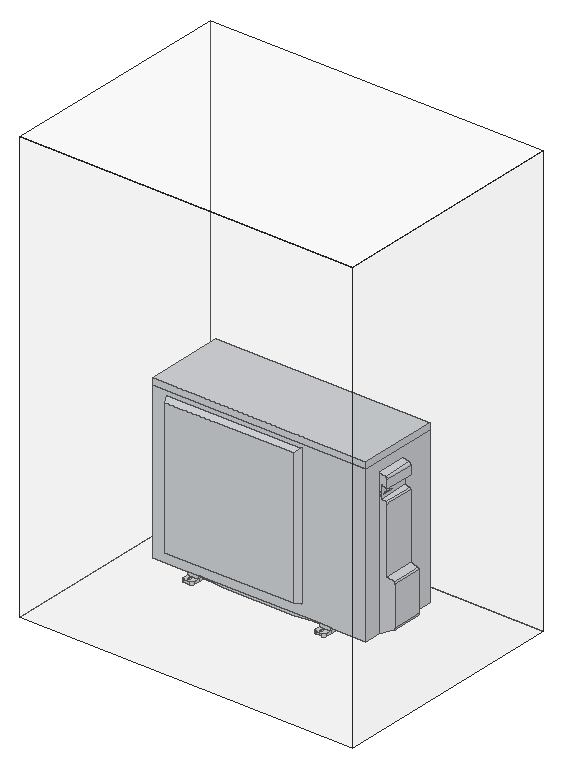
Revit family "puzg-mp2m_2_60hz", category 機械設備, Revit 2019 (continued)
Definition of nested family "PUZ-ZRMP-1"
  Lines and regions (mm)
    model lines, visible <- "タイプ3", not visible
      curve 342: line (-404.5, -100, 907) -> (-404.5, -60, 907)
      curve 343: line (-404.5, -100, 1097) -> (-404.5, -100, 907)
      curve 344: line (-404.5, -60, 1097) -> (-404.5, -100, 1097)
      curve 345: line (-404.5, -60, 907) -> (-404.5, -60, 1097)
      curve 346: line (-404.5, 60, 907) -> (-404.5, 100, 907)
      curve 347: line (-404.5, 60, 1097) -> (-404.5, 60, 907)
      curve 348: line (-404.5, 100, 1097) -> (-404.5, 60, 1097)
      curve 349: line (-404.5, 100, 907) -> (-404.5, 100, 1097)
      curve 350: line (-404.5, -46.667, 907) -> (-404.5, -6.667, 907)
      curve 351: line (-404.5, -46.667, 1097) -> (-404.5, -46.667, 907)
      curve 352: line (-404.5, -6.667, 1097) -> (-404.5, -46.667, 1097)
      curve 353: line (-404.5, -6.667, 907) -> (-404.5, -6.667, 1097)
      curve 354: line (-404.5, 6.667, 907) -> (-404.5, 46.667, 907)
      curve 355: line (-404.5, 6.667, 1097) -> (-404.5, 6.667, 907)
      curve 356: line (-404.5, 46.667, 1097) -> (-404.5, 6.667, 1097)
      curve 357: line (-404.5, 46.667, 907) -> (-404.5, 46.667, 1097)
      curve 358: line (-404.5, -100, 1112) -> (-404.5, -60, 1112)
      curve 359: line (-404.5, -100, 1302) -> (-404.5, -100, 1112)
      curve 360: line (-404.5, -60, 1302) -> (-404.5, -100, 1302)
      curve 361: line (-404.5, -60, 1112) -> (-404.5, -60, 1302)
      curve 362: line (-404.5, 60, 1112) -> (-404.5, 100, 1112)
      curve 363: line (-404.5, 60, 1302) -> (-404.5, 60, 1112)
      curve 364: line (-404.5, 100, 1302) -> (-404.5, 60, 1302)
      curve 365: line (-404.5, 100, 1112) -> (-404.5, 100, 1302)
      curve 366: line (-404.5, -46.667, 1112) -> (-404.5, -6.667, 1112)
      curve 367: line (-404.5, -46.667, 1302) -> (-404.5, -46.667, 1112)
      curve 368: line (-404.5, -6.667, 1302) -> (-404.5, -46.667, 1302)
      curve 369: line (-404.5, -6.667, 1112) -> (-404.5, -6.667, 1302)
      curve 370: line (-404.5, 6.667, 1112) -> (-404.5, 46.667, 1112)
      curve 371: line (-404.5, 6.667, 1302) -> (-404.5, 6.667, 1112)
      curve 372: line (-404.5, 46.667, 1302) -> (-404.5, 6.667, 1302)
      curve 373: line (-404.5, 46.667, 1112) -> (-404.5, 46.667, 1302)
    model lines, visible <- "タイプ2", not visible
      curve 374: line (-600, -100, 33.5) -> (-600, -60, 33.5)
      curve 375: line (-600, -100, 73.5) -> (-600, -100, 33.5)
      curve 376: line (-600, -60, 73.5) -> (-600, -100, 73.5)
      curve 377: line (-600, -60, 33.5) -> (-600, -60, 73.5)
      curve 378: line (-600, 60, 33.5) -> (-600, 100, 33.5)
      curve 379: line (-600, 60, 73.5) -> (-600, 60, 33.5)
      curve 380: line (-600, 100, 73.5) -> (-600, 60, 73.5)
      curve 381: line (-600, 100, 33.5) -> (-600, 100, 73.5)
      curve 382: line (-509, -46.667, 33.5) -> (-509, -6.667, 33.5)
      curve 383: line (-509, -46.667, 73.5) -> (-509, -46.667, 33.5)
      curve 384: line (-509, -6.667, 73.5) -> (-509, -46.667, 73.5)
      curve 385: line (-509, -6.667, 33.5) -> (-509, -6.667, 73.5)
      curve 386: line (-509, 6.667, 33.5) -> (-509, 46.667, 33.5)
      curve 387: line (-509, 6.667, 73.5) -> (-509, 6.667, 33.5)
      curve 388: line (-509, 46.667, 73.5) -> (-509, 6.667, 73.5)
      curve 389: line (-509, 46.667, 33.5) -> (-509, 46.667, 73.5)
      curve 483: line (-404.5, -100, 33.5) -> (-404.5, -60, 33.5)
      curve 484: line (-404.5, -100, 73.5) -> (-404.5, -100, 33.5)
      curve 485: line (-404.5, -60, 73.5) -> (-404.5, -100, 73.5)
      curve 486: line (-404.5, -60, 33.5) -> (-404.5, -60, 73.5)
      curve 487: line (-404.5, 60, 33.5) -> (-404.5, 100, 33.5)
      curve 488: line (-404.5, 60, 73.5) -> (-404.5, 60, 33.5)
      curve 489: line (-404.5, 100, 73.5) -> (-404.5, 60, 73.5)
      curve 490: line (-404.5, 100, 33.5) -> (-404.5, 100, 73.5)
      curve 491: line (-404.5, -46.667, 33.5) -> (-404.5, -6.667, 33.5)
      curve 492: line (-404.5, -46.667, 73.5) -> (-404.5, -46.667, 33.5)
      curve 493: line (-404.5, -6.667, 73.5) -> (-404.5, -46.667, 73.5)
      curve 494: line (-404.5, -6.667, 33.5) -> (-404.5, -6.667, 73.5)
      curve 495: line (-404.5, 6.667, 33.5) -> (-404.5, 46.667, 33.5)
      curve 496: line (-404.5, 6.667, 73.5) -> (-404.5, 6.667, 33.5)
      curve 497: line (-404.5, 46.667, 73.5) -> (-404.5, 6.667, 73.5)
      curve 498: line (-404.5, 46.667, 33.5) -> (-404.5, 46.667, 73.5)
    model lines, not visible
      curve 390: line (-404.5, -100, 87) -> (-404.5, -60, 87)
      curve 391: line (-404.5, -100, 277) -> (-404.5, -100, 87)
      curve 392: line (-404.5, -60, 277) -> (-404.5, -100, 277)
      curve 393: line (-404.5, -60, 87) -> (-404.5, -60, 277)
      curve 394: line (-404.5, -100, 292) -> (-404.5, -60, 292)
      curve 395: line (-404.5, -100, 482) -> (-404.5, -100, 292)
      curve 396: line (-404.5, -60, 482) -> (-404.5, -100, 482)
      curve 397: line (-404.5, -60, 292) -> (-404.5, -60, 482)
      curve 398: line (-404.5, -100, 497) -> (-404.5, -60, 497)
      curve 399: line (-404.5, -100, 687) -> (-404.5, -100, 497)
      curve 400: line (-404.5, -60, 687) -> (-404.5, -100, 687)
      curve 401: line (-404.5, -60, 497) -> (-404.5, -60, 687)
      curve 402: line (-404.5, -100, 702) -> (-404.5, -60, 702)
      curve 403: line (-404.5, -100, 892) -> (-404.5, -100, 702)
      curve 404: line (-404.5, -60, 892) -> (-404.5, -100, 892)
      curve 405: line (-404.5, -60, 702) -> (-404.5, -60, 892)
      curve 406: line (-404.5, 60, 87) -> (-404.5, 100, 87)
      curve 407: line (-404.5, 60, 277) -> (-404.5, 60, 87)
      curve 408: line (-404.5, 100, 277) -> (-404.5, 60, 277)
      curve 409: line (-404.5, 100, 87) -> (-404.5, 100, 277)
      curve 410: line (-404.5, -46.667, 87) -> (-404.5, -6.667, 87)
      curve 411: line (-404.5, -46.667, 277) -> (-404.5, -46.667, 87)
      curve 412: line (-404.5, -6.667, 277) -> (-404.5, -46.667, 277)
      curve 413: line (-404.5, -6.667, 87) -> (-404.5, -6.667, 277)
      curve 414: line (-404.5, 6.667, 87) -> (-404.5, 46.667, 87)
      curve 415: line (-404.5, 6.667, 277) -> (-404.5, 6.667, 87)
      curve 416: line (-404.5, 46.667, 277) -> (-404.5, 6.667, 277)
      curve 417: line (-404.5, 46.667, 87) -> (-404.5, 46.667, 277)
      curve 418: line (-404.5, 60, 292) -> (-404.5, 100, 292)
      curve 419: line (-404.5, 60, 482) -> (-404.5, 60, 292)
      curve 420: line (-404.5, 100, 482) -> (-404.5, 60, 482)
      curve 421: line (-404.5, 100, 292) -> (-404.5, 100, 482)
      curve 422: line (-404.5, 60, 702) -> (-404.5, 100, 702)
      curve 423: line (-404.5, 60, 892) -> (-404.5, 60, 702)
      curve 424: line (-404.5, 100, 892) -> (-404.5, 60, 892)
      curve 425: line (-404.5, 100, 702) -> (-404.5, 100, 892)
      curve 426: line (-404.5, -46.667, 292) -> (-404.5, -6.667, 292)
      curve 427: line (-404.5, -46.667, 482) -> (-404.5, -46.667, 292)
      curve 428: line (-404.5, -6.667, 482) -> (-404.5, -46.667, 482)
      curve 429: line (-404.5, -6.667, 292) -> (-404.5, -6.667, 482)
      curve 430: line (-404.5, -46.667, 497) -> (-404.5, -6.667, 497)
      curve 431: line (-404.5, -46.667, 687) -> (-404.5, -46.667, 497)
      curve 432: line (-404.5, -6.667, 687) -> (-404.5, -46.667, 687)
      curve 433: line (-404.5, -6.667, 497) -> (-404.5, -6.667, 687)
      curve 434: line (-404.5, -46.667, 702) -> (-404.5, -6.667, 702)
      curve 435: line (-404.5, -46.667, 892) -> (-404.5, -46.667, 702)
      curve 436: line (-404.5, -6.667, 892) -> (-404.5, -46.667, 892)
      curve 437: line (-404.5, -6.667, 702) -> (-404.5, -6.667, 892)
      curve 438: line (-404.5, 6.667, 292) -> (-404.5, 46.667, 292)
      curve 439: line (-404.5, 6.667, 482) -> (-404.5, 6.667, 292)
      curve 440: line (-404.5, 46.667, 482) -> (-404.5, 6.667, 482)
      curve 441: line (-404.5, 46.667, 292) -> (-404.5, 46.667, 482)
      curve 442: line (-404.5, 6.667, 497) -> (-404.5, 46.667, 497)
      curve 443: line (-404.5, 6.667, 687) -> (-404.5, 6.667, 497)
      curve 444: line (-404.5, 46.667, 687) -> (-404.5, 6.667, 687)
      curve 445: line (-404.5, 46.667, 497) -> (-404.5, 46.667, 687)
      curve 446: line (-404.5, 6.667, 702) -> (-404.5, 46.667, 702)
      curve 447: line (-404.5, 6.667, 892) -> (-404.5, 6.667, 702)
      curve 448: line (-404.5, 46.667, 892) -> (-404.5, 6.667, 892)
      curve 449: line (-404.5, 46.667, 702) -> (-404.5, 46.667, 892)
      curve 450: line (-338.5, -173.2, 372.5) -> (149.5, -173.2, 372.5)
      curve 451: line (149.5, -173.2, 277.5) -> (-338.5, -173.2, 277.5)
      curve 452: line (-338.5, -173.2, 467.5) -> (149.5, -173.2, 467.5)
      curve 453: line (-338.5, -173.2, 562.5) -> (149.5, -173.2, 562.5)
      curve 454: line (149.5, -173.2, 182.5) -> (-338.5, -173.2, 182.5)
      curve 455: line (149.5, -173.2, 87.5) -> (-338.5, -173.2, 87.5)
      curve 456: line (-321.071, -173.2, 579) -> (-321.071, -173.2, 71)
      curve 457: line (132.071, -173.2, 71) -> (132.071, -173.2, 579)
      curve 458: line (-303.643, -173.2, 579) -> (-303.643, -173.2, 71)
      curve 459: line (-286.214, -173.2, 579) -> (-286.214, -173.2, 71)
      curve 460: line (-268.786, -173.2, 579) -> (-268.786, -173.2, 71)
      curve 461: line (-251.357, -173.2, 579) -> (-251.357, -173.2, 71)
      curve 462: line (-233.929, -173.2, 579) -> (-233.929, -173.2, 71)
      curve 463: line (-216.5, -173.2, 579) -> (-216.5, -173.2, 71)
      curve 464: line (-199.071, -173.2, 579) -> (-199.071, -173.2, 71)
      curve 465: line (-181.643, -173.2, 579) -> (-181.643, -173.2, 71)
      curve 466: line (-164.214, -173.2, 579) -> (-164.214, -173.2, 71)
      curve 467: line (-146.786, -173.2, 579) -> (-146.786, -173.2, 71)
      curve 468: line (-129.357, -173.2, 579) -> (-129.357, -173.2, 71)
      curve 469: line (-111.929, -173.2, 579) -> (-111.929, -173.2, 71)
      curve 470: line (-94.5, -173.2, 579) -> (-94.5, -173.2, 71)
      curve 471: line (-77.071, -173.2, 579) -> (-77.071, -173.2, 71)
      curve 472: line (-59.643, -173.2, 579) -> (-59.643, -173.2, 71)
      curve 473: line (-42.214, -173.2, 579) -> (-42.214, -173.2, 71)
      curve 474: line (-24.786, -173.2, 579) -> (-24.786, -173.2, 71)
      curve 475: line (-7.357, -173.2, 579) -> (-7.357, -173.2, 71)
      curve 476: line (10.071, -173.2, 579) -> (10.071, -173.2, 71)
      curve 477: line (27.5, -173.2, 579) -> (27.5, -173.2, 71)
      curve 478: line (44.929, -173.2, 579) -> (44.929, -173.2, 71)
      curve 479: line (62.357, -173.2, 579) -> (62.357, -173.2, 71)
      curve 480: line (79.786, -173.2, 579) -> (79.786, -173.2, 71)
      curve 481: line (97.214, -173.2, 579) -> (97.214, -173.2, 71)
      curve 482: line (114.643, -173.2, 579) -> (114.643, -173.2, 71)
    symbolic lines, visible <- "タイプ1"
      curve 499: line (-278.151, 150, 630) -> (-404.5, 150, 630)
      curve 500: line (-404.5, 150, 630) -> (-404.5, -5.599, 630)
      curve 501: line (-404.5, 40, 630) -> (-424.5, 30, 630)
      curve 502: line (-424.5, 30, 630) -> (-424.5, -30, 630)
      curve 503: line (-424.5, -30, 630) -> (-404.5, -40, 630)
      curve 504: line (-404.5, -5.599, 630) -> (-404.5, -150, 630)
      curve 505: line (-404.5, -150, 630) -> (-301.612, -150, 630)
      curve 506: arc (-269.474, -173.2, 630) -> (-265.831, -178.124, 630) -> (-260, -180, 630) r 10
      curve 507: line (-260, -180, 630) -> (-240, -180, 630)
      curve 508: arc (-240, -180, 630) -> (-234.169, -178.124, 630) -> (-230.526, -173.2, 630) r 10
      curve 509: line (-301.612, -150, 630) -> (280.999, -150, 630)
      curve 510: line (230, -150, 630) -> (230, -170, 630)
      curve 511: arc (230, -170, 630) -> (232.929, -177.071, 630) -> (240, -180, 630) r 10
      curve 512: line (240, -180, 630) -> (260, -180, 630)
      curve 513: arc (260, -180, 630) -> (267.071, -177.071, 630) -> (270, -170, 630) r 10
      curve 514: line (270, -170, 630) -> (270, -150, 630)
      curve 515: line (280.999, -150, 630) -> (404.5, -150, 630)
      curve 516: line (404.5, -150, 630) -> (404.5, -77.105, 630)
      curve 517: line (404.5, -90, 630) -> (466.5, -90, 630)
      curve 518: line (466.5, -90, 630) -> (466.5, 20, 630)
      curve 519: line (466.5, 20, 630) -> (404.5, 20, 630)
      curve 520: line (404.5, -77.105, 630) -> (404.5, 150, 630)
      curve 521: line (404.5, 150, 630) -> (308.975, 150, 630)
      curve 522: line (270, 150, 630) -> (270, 180, 630)
      curve 523: line (270, 180, 630) -> (230, 180, 630)
      curve 524: line (230, 180, 630) -> (230, 150, 630)
      curve 525: line (308.975, 150, 630) -> (-278.151, 150, 630)
      curve 526: line (-230, 150, 630) -> (-230, 180, 630)
      curve 527: line (-230, 180, 630) -> (-270, 180, 630)
      curve 528: line (-270, 180, 630) -> (-270, 150, 630)
      curve 529: line (-324.5, 100, 630) -> (324.5, 100, 630)
      curve 530: line (-324.5, 40, 630) -> (-324.5, 100, 630)
      curve 531: line (324.5, 40, 630) -> (-324.5, 40, 630)
      curve 532: line (324.5, 100, 630) -> (324.5, 40, 630)
      curve 533: line (324.5, 30, 630) -> (-324.5, 30, 630)
      curve 534: line (324.5, -30, 630) -> (324.5, 30, 630)
      curve 535: line (-324.5, -30, 630) -> (324.5, -30, 630)
      curve 536: line (-324.5, 30, 630) -> (-324.5, -30, 630)
      curve 537: line (-324.5, -40, 630) -> (324.5, -40, 630)
      curve 538: line (-324.5, -100, 630) -> (-324.5, -40, 630)
      curve 539: line (324.5, -100, 630) -> (-324.5, -100, 630)
      curve 540: line (324.5, -40, 630) -> (324.5, -100, 630)
      curve 541: line (339.5, 100, 630) -> (354.5, 100, 630)
      curve 542: line (339.5, -100, 630) -> (339.5, 100, 630)
      curve 543: line (354.5, -100, 630) -> (339.5, -100, 630)
      curve 544: line (354.5, 100, 630) -> (354.5, -100, 630)
      curve 545: line (-354.5, 100, 630) -> (-339.5, 100, 630)
      curve 546: line (-354.5, -100, 630) -> (-354.5, 100, 630)
      curve 547: line (-339.5, -100, 630) -> (-354.5, -100, 630)
      curve 548: line (-339.5, 100, 630) -> (-339.5, -100, 630)
      curve 549: line (-338.5, -173.2, 630) -> (149.5, -173.2, 630)
      curve 550: line (149.5, -173.2, 630) -> (159.5, -150, 630)
      curve 551: line (-348.5, -150, 630) -> (-338.5, -173.2, 630)
  Dimensions and locks
    equal spacing: plane 8, plane 1 "中心(正面/背面)", plane 7
    "奥行き": plane 8 to plane 7
    equal spacing: plane 5, plane 3 "中心(左/右)", plane 6
    "幅さ": plane 5 to plane 6
    "高さ": plane 4 to level
    locked: plane 6 to plane 9 at 62
    locked: plane 8 to plane 10 at 60
    locked: plane 8 to plane 11 at 170
    locked: plane 4 to plane 12 at 25
    locked: plane 13 to plane 5 at 20
    "吊りボルト-D": plane 17 to plane 16
    equal spacing: plane 17, plane 1 "中心(正面/背面)", plane 16
    equal spacing: plane 14, plane 3 "中心(左/右)", plane 15
    "吊りボルト-W": plane 14 to plane 15
    plane 21 to plane 14 to plane 20 = 20 mm locked, 20 mm locked
    plane 19 to plane 15 to plane 18 = 20 mm locked, 20 mm locked
    locked: plane 16 to plane 22 at 15
    locked: plane 23 to plane 17 at 15
    locked: plane 24 to level at 8.5
    locked: plane 25 to level at 20
    locked: plane 26 to plane 24 at 3
    locked: plane 4 to plane 29 at 5
    plane 7 to plane 1 "中心(正面/背面)" to plane 8 = 150 mm, 150 mm
    plane 31 to plane 1 "中心(正面/背面)" to plane 30 = 40 mm locked, 40 mm locked
    plane 33 to plane 1 "中心(正面/背面)" to plane 32 = 30 mm locked, 30 mm locked
    locked: plane 34 to plane 12 at 5
    locked: plane 35 to level at 55
    locked: plane 36 to level at 225
    equal spacing: plane 6, plane 39, plane 9
    locked: plane 6 to plane 38 at 10
    locked: plane 20 to plane 27 at 95
    locked: plane 28 to plane 19 at 95
    "換気-D": plane 40 to plane 8
    "換気-W": plane 41 to plane 5
    "換気-H1": plane 42 to level
    plane 43 to plane 41 to plane 44 = 254 mm locked, 254 mm locked
    plane 45 to plane 42 to plane 46 = 264 mm locked, 264 mm locked
    locked: plane 43 to plane 48 at 10
    locked: plane 47 to plane 44 at 10
    locked: plane 45 to plane 49 at 10
    locked: plane 50 to plane 46 at 10
    locked: curve 26 to plane 50 at 16.5
    locked: plane 49 to curve 24 at 16.5
    equal spacing: curve 24, curve 23, curve 21, curve 22, curve 25, curve 26
    equal spacing: plane 48, curve 28, curve 53, curve 52, curve 51, curve 50, curve 49, curve 48, curve 47, curve 46, curve 45, curve 44, curve 43, curve 42, curve 41, curve 40, curve 39, curve 38, curve 37, curve 36, curve 35, curve 34, curve 33, curve 32, curve 31, curve 30, curve 29, curve 27, plane 47
    locked: curve 4 to curve 6 at 10
    locked: curve 3 to curve 5 at 10
    locked: plane 51 to plane 7 at 50
    locked: plane 8 to plane 52 at 50
    equal spacing: group 1, group 2, group 3, group 4, group 5, group 6, group 7, group 8, group 9, group 10, group 11, group 12, group 13, group 14, group 15, group 16, group 17, group 18  (x2)
    equal spacing: group 18, group 17, group 16, group 15, group 14, group 13, group 12, group 11, group 10, group 9, group 8, group 7, group 6, group 5, group 4, group 3, group 2, group 1
    "ドレン管径-X": plane 5 to plane 53
    "ドレン管径-Y": plane 8 to plane 54
    "配線取出口-Y": plane 57 to plane 7
    "冷媒液管径-Y": plane 58 to plane 7
    "冷媒ガス管径-Y": plane 59 to plane 7
    "配線取出口-X": plane 3 "中心(左/右)" to plane 56
    "冷媒ガス管径-X": plane 3 "中心(左/右)" to plane 55
    "冷媒液管径-X": plane 3 "中心(左/右)" to plane 60
    "冷媒液管径-Z": plane 62 to level
    "冷媒ガス管径-Z": plane 61 to level
    "配線取出口-Z": plane 63 to level
    locked: plane 57 to plane 64 at 50
    locked: plane 65 to plane 61 at 37.8
    locked: plane 66 to plane 62 at 16.1
    equal spacing: plane 55, plane 67, plane 60
    equal spacing: plane 58, plane 68, plane 59
    "a": plane 69 "グループ" to plane 3 "中心(左/右)"
    plane 71 to level = 943 mm
    plane 70 to level = 1338 mm
    locked: plane 37 to level at 570
    curve 21 to plane 42 to curve 22 = 47.5 mm locked, 47.5 mm locked
    "換気-H2": plane 72 to plane 42
    plane 73 to plane 72 to plane 74 = 264 mm locked, 264 mm locked
    locked: plane 76 to plane 74 at 10
    locked: plane 73 to plane 75 at 10
    plane 48 to plane 47 = 488 mm
    plane 68 to plane 7 = 185.5 mm
    plane 61 to level = 99.5 mm
    plane 65 to plane 61 = 37.8 mm
    plane 62 to level = 164.5 mm
    plane 66 to plane 62 = 16.1 mm
    plane 68 to plane 77 to plane 78 = 23 mm locked, 17.5 mm locked
    plane 68 to plane 77 = 23 mm
    plane 77 to plane 78 = 17.5 mm
    equal spacing: plane 77, plane 79, plane 78
    "ドレン配管サイズ": diameter of Extrusion 3 sketch curve
    "配線取出口サイズ": diameter of Extrusion 9 sketch curve
    "吊りボルト-φ": diameter of Extrusion 10 sketch curve  (x4)
    "冷媒配管サイズ": diameter of Sweep 11 sketch curve
    "ガス配管サイズ": diameter of Sweep 12 sketch curve
    aligned and locked: level to plane 2
    aligned and locked: Extrusion 1 to level
    aligned and locked: plane 25 to Extrusion 1
    aligned and locked: Extrusion 2 sketch curve to plane 25
    aligned and locked: Extrusion 2 sketch curve to plane 26
    aligned and locked: Extrusion 2 to plane 7
    aligned and locked: plane 8 to Extrusion 2
    aligned and locked: Extrusion 3 to plane 26
    aligned and locked: Extrusion 3 to plane 24
    aligned and locked: Extrusion 4 sketch curve to plane 7
    aligned and locked: Extrusion 4 sketch curve to plane 8
    aligned and locked: Extrusion 4 sketch curve to plane 5
    aligned and locked: Extrusion 4 sketch curve to plane 6
    aligned and locked: Extrusion 4 to plane 25
    aligned and locked: plane 12 to Extrusion 4
    aligned and locked: Extrusion 5 sketch curve to Extrusion 4  (x4)
    aligned and locked: Extrusion 5 to plane 12
    aligned and locked: plane 4 to Extrusion 5
    aligned and locked: plane 29 to Blend 6 sketch curve
    aligned and locked: Blend 6 sketch curve to plane 31
    aligned and locked: Blend 6 sketch curve to plane 12  (x2)
    aligned and locked: plane 30 to Blend 6 sketch curve
    aligned and locked: plane 34 to Blend 6 sketch curve
    aligned and locked: Blend 6 sketch curve to plane 33
    aligned and locked: plane 32 to Blend 6 sketch curve
    aligned and locked: Blend 6 to plane 13
    aligned and locked: plane 5 to Blend 6
    aligned and locked: Extrusion 7 sketch curve to plane 6
    aligned and locked: Extrusion 7 sketch curve to plane 9
    aligned and locked: Extrusion 7 sketch curve to plane 39
    aligned and locked: Extrusion 7 sketch curve to Extrusion 7 sketch curve
    aligned and locked: Extrusion 7 sketch curve to plane 38
    aligned and locked: Extrusion 7 to plane 11
    aligned and locked: plane 10 to Extrusion 7
    aligned and locked: Blend 8 sketch curve to plane 45
    aligned and locked: Blend 8 sketch curve to plane 46
    aligned and locked: Blend 8 sketch curve to plane 44
    aligned and locked: Blend 8 sketch curve to plane 43
    aligned and locked: Blend 8 sketch curve to plane 49
    aligned and locked: Blend 8 sketch curve to plane 47
    aligned and locked: Blend 8 sketch curve to plane 48
    aligned and locked: Blend 8 sketch curve to plane 50
    aligned and locked: Blend 8 to plane 8
    aligned and locked: plane 40 to Blend 8
    aligned and locked: curve 17 to plane 51
    aligned and locked: curve 1 to plane 51
    aligned and locked: plane 51 to curve 19
    aligned and locked: curve 18 to plane 52
    aligned and locked: plane 52 to curve 2
    aligned and locked: plane 52 to curve 20
    aligned and locked: plane 53 to Extrusion 3 sketch curve
    aligned and locked: plane 54 to Extrusion 3 sketch curve
    aligned and locked: plane 63 to Extrusion 9 sketch curve
    aligned and locked: plane 56 to Extrusion 9 sketch curve
    aligned and locked: plane 57 to Extrusion 9
    aligned and locked: Extrusion 9 to plane 64
    aligned and locked: plane 22 to Extrusion 10 sketch curve  (x4)
    aligned and locked: plane 21 to Extrusion 10 sketch curve
    aligned and locked: Extrusion 2 to Extrusion 10 sketch curve  (x2)
    aligned and locked: Extrusion 10 sketch curve to Extrusion 1  (x6)
    aligned and locked: plane 19 to Extrusion 10 sketch curve
    aligned and locked: Extrusion 10 sketch curve to plane 23  (x2)
    aligned and locked: Extrusion 10 sketch curve to plane 18
    aligned and locked: Extrusion 10 sketch curve to plane 20
    aligned and locked: plane 16 to Extrusion 10 sketch curve  (x2)
    aligned and locked: plane 14 to Extrusion 10 sketch curve  (x2)
    aligned and locked: plane 17 to Extrusion 10 sketch curve  (x2)
    aligned and locked: plane 15 to Extrusion 10 sketch curve  (x2)
    aligned and locked: level to Extrusion 10
    aligned and locked: plane 24 to Extrusion 10
    aligned and locked: Masking region 1 sketch curve to Extrusion 5  (x4)
    aligned and locked: Masking region 1 sketch curve to Blend 6  (x3)
    aligned and locked: Masking region 1 sketch curve to Extrusion 7  (x2)
    aligned and locked: Masking region 1 sketch curve to plane 9
    aligned and locked: Masking region 1 sketch curve to Extrusion 10  (x8)
    aligned and locked: Masking region 1 to curve 499
    aligned and locked: curve 500 to Masking region 1
    aligned and locked: curve 501 to Masking region 1
    aligned and locked: curve 502 to Masking region 1
    aligned and locked: curve 503 to Masking region 1
    aligned and locked: curve 504 to Masking region 1
    aligned and locked: curve 505 to Masking region 1
    aligned and locked: curve 506 to Masking region 1
    aligned and locked: curve 508 to Masking region 1
    aligned and locked: curve 510 to Masking region 1
    aligned and locked: curve 511 to Masking region 1
    aligned and locked: curve 513 to Masking region 1
    aligned and locked: Masking region 1 to curve 515
    aligned and locked: curve 516 to Masking region 1
    aligned and locked: curve 517 to Masking region 1
    aligned and locked: curve 518 to Masking region 1
    aligned and locked: curve 519 to Masking region 1
    aligned and locked: curve 520 to Masking region 1
    aligned and locked: curve 521 to Masking region 1
    aligned and locked: curve 522 to Masking region 1
    aligned and locked: curve 523 to Masking region 1
    aligned and locked: curve 524 to Masking region 1
    aligned and locked: curve 525 to Masking region 1
    aligned and locked: curve 526 to Masking region 1
    aligned and locked: curve 527 to Masking region 1
    aligned and locked: curve 528 to Masking region 1
    aligned and locked: curve 532 to curve 12
    aligned and locked: Masking region 1 sketch curve to curve 21
    aligned and locked: Masking region 1 sketch curve to Blend 8  (x2)
    aligned and locked: curve 549 to Blend 8
    aligned and locked: curve 550 to Blend 8
    aligned and locked: curve 551 to Blend 8
    aligned and locked: plane 78 to Sweep 12 sketch curve
    aligned and locked: plane 58 to Sweep 12 sketch curve
    aligned and locked: plane 77 to Sweep 11 sketch curve
    aligned and locked: plane 58 to Sweep 11 sketch curve
    aligned and locked: plane 61 to Sweep 12 sketch curve
  Automatic sketch dimensions
    Extrusion 2 sketch curve to plane 20 = 0 mm
    Extrusion 2 sketch curve to plane 27 = 0 mm
    Extrusion 2 sketch curve to plane 28 = 0 mm
    Extrusion 2 sketch curve to plane 19 = 0 mm
    Extrusion 7 sketch curve to plane 39 = 0 mm
    Extrusion 7 sketch curve to plane 25 = 0 mm
    Extrusion 7 sketch curve to plane 36 = 0 mm
    Extrusion 7 sketch curve to plane 37 = 0 mm
    Extrusion 7 sketch curve to Extrusion 7 sketch curve = 10 mm
    Extrusion 7 sketch curve to plane 39 = 6.58 mm
    Extrusion 7 sketch curve to Extrusion 7 sketch curve = 5 mm  (x2)
    plane 39 to Extrusion 7 sketch curve = 21 mm
    Extrusion 7 sketch curve to plane 39 = 3.29 mm
    Extrusion 7 sketch curve to plane 9 = 3.29 mm
    Extrusion 7 sketch curve to plane 35 = 2.87 mm
    Extrusion 7 sketch curve to Extrusion 7 sketch curve = 81.633 mm
    Extrusion 7 sketch curve to Extrusion 7 sketch curve = 30.244 mm
    Extrusion 7 sketch curve to Extrusion 7 sketch curve = 7.643 mm
    plane 7 to Extrusion 1 sketch curve = 0 mm  (x2)
    Extrusion 1 sketch curve to plane 18 = 0 mm
    plane 8 to Extrusion 1 sketch curve = 0 mm  (x2)
    Extrusion 1 sketch curve to plane 19 = 0 mm
    Extrusion 1 sketch curve to plane 20 = 0 mm
    Extrusion 1 sketch curve to plane 21 = 0 mm
    curve 383 to curve 384 = 40 mm
    curve 382 to curve 386 = 13.333 mm
    curve 386 to curve 386 = 40 mm
    curve 382 to curve 389 = 0 mm
    curve 382 to curve 384 = 40 mm
    curve 384 to curve 387 = 0 mm
    curve 375 to curve 376 = 40 mm
    curve 374 to curve 378 = 120 mm
    curve 378 to curve 378 = 40 mm
    curve 374 to curve 381 = 0 mm
    curve 374 to curve 376 = 40 mm
    curve 378 to curve 379 = 40 mm
    curve 25 to plane 47 = 0 mm
    curve 24 to plane 47 = 0 mm
    curve 22 to plane 47 = 0 mm
    curve 23 to plane 47 = 0 mm
    curve 26 to plane 47 = 0 mm
    curve 21 to plane 47 = 0 mm
    curve 24 to plane 48 = 0 mm
    curve 25 to plane 48 = 0 mm
    curve 26 to plane 48 = 0 mm
    curve 23 to plane 48 = 0 mm
    curve 22 to plane 48 = 0 mm
    curve 21 to plane 48 = 0 mm
    curve 37 to plane 50 = 0 mm
    curve 52 to plane 50 = 0 mm
    curve 51 to plane 50 = 0 mm
    curve 50 to plane 50 = 0 mm
    curve 49 to plane 50 = 0 mm
    curve 48 to plane 50 = 0 mm
    curve 47 to plane 50 = 0 mm
    curve 46 to plane 50 = 0 mm
    curve 45 to plane 50 = 0 mm
    curve 44 to plane 50 = 0 mm
    curve 43 to plane 50 = 0 mm
    curve 42 to plane 50 = 0 mm
    curve 41 to plane 50 = 0 mm
    curve 27 to plane 50 = 0 mm
    curve 28 to plane 50 = 0 mm
    curve 40 to plane 50 = 0 mm
    curve 39 to plane 50 = 0 mm
    curve 29 to plane 50 = 0 mm
    curve 38 to plane 50 = 0 mm
    curve 30 to plane 50 = 0 mm
    curve 53 to plane 50 = 0 mm
    curve 31 to plane 50 = 0 mm
    curve 36 to plane 50 = 0 mm
    curve 32 to plane 50 = 0 mm
    curve 35 to plane 50 = 0 mm
    curve 33 to plane 50 = 0 mm
    curve 34 to plane 50 = 0 mm
    curve 28 to plane 49 = 0 mm
    curve 41 to plane 49 = 0 mm
    curve 27 to plane 49 = 0 mm
    curve 42 to plane 49 = 0 mm
    curve 31 to plane 49 = 0 mm
    curve 40 to plane 49 = 0 mm
    curve 37 to plane 49 = 0 mm
    curve 39 to plane 49 = 0 mm
    curve 32 to plane 49 = 0 mm
    curve 45 to plane 49 = 0 mm
    curve 36 to plane 49 = 0 mm
    curve 46 to plane 49 = 0 mm
    curve 43 to plane 49 = 0 mm
    curve 47 to plane 49 = 0 mm
    curve 29 to plane 49 = 0 mm
    curve 48 to plane 49 = 0 mm
    curve 30 to plane 49 = 0 mm
    curve 49 to plane 49 = 0 mm
    curve 44 to plane 49 = 0 mm
    curve 50 to plane 49 = 0 mm
    curve 33 to plane 49 = 0 mm
    curve 51 to plane 49 = 0 mm
    curve 35 to plane 49 = 0 mm
    curve 52 to plane 49 = 0 mm
    curve 38 to plane 49 = 0 mm
    curve 53 to plane 49 = 0 mm
    curve 34 to plane 49 = 0 mm
    Masking region 1 sketch curve to plane 5 = 0 mm
    Masking region 1 sketch curve to plane 6 = 0 mm
    plane 7 to Masking region 1 sketch curve = 0 mm  (x2)
    Masking region 1 sketch curve to plane 15 = 10 mm
    Masking region 1 sketch curve to plane 19 = 0 mm
    plane 8 to Masking region 1 sketch curve = 0 mm  (x2)
    plane 32 to curve 535 = 0 mm
    plane 33 to curve 534 = 0 mm
    curve 541 to plane 56 = 45.5 mm
    curve 13 to curve 20 = 15 mm
    plane 18 to curve 535 = 54.5 mm
    curve 532 to curve 6 = 0 mm
    curve 537 to curve 5 = 0 mm
    plane 47 to curve 536 = 14 mm
    plane 47 to curve 538 = 14 mm
    plane 47 to curve 1 = 14 mm
    curve 16 to plane 47 = 1 mm
    curve 15 to plane 44 = 6 mm
    plane 1 "中心(正面/背面)" to curve 504 = 5.599 mm
    curve 528 to curve 499 = 8.151 mm
    curve 521 to curve 522 = 38.975 mm
    curve 516 to plane 10 = 12.895 mm
    curve 515 to curve 514 = 10.999 mm
    plane 40 to Masking region 1 sketch curve = 0 mm
    Masking region 1 sketch curve to plane 40 = 3.2 mm  (x2)
    Masking region 1 sketch curve to plane 14 = 10 mm
    Masking region 1 sketch curve to plane 20 = 0.526 mm
    curve 509 to plane 21 = 31.612 mm
    plane 40 to curve 506 = 0 mm
    plane 40 to curve 508 = 0 mm
    Sweep 12 sketch curve to plane 65 = 0 mm
    Sweep 11 sketch curve to plane 62 = 0 mm
    Sweep 11 sketch curve to plane 66 = 0 mm
    plane 17 to Extrusion 10 sketch curve = 0 mm  (x2)
    Extrusion 10 sketch curve to plane 40 = 3.2 mm  (x5)
    Extrusion 10 sketch curve to plane 15 = 10 mm
    Extrusion 10 sketch curve to Extrusion 10 sketch curve = 0 mm
    Sweep 11 sketch curve to plane 67 = 0 mm
    Sweep 11 sketch curve to profile plane = 0 mm
    Sweep 12 sketch curve to plane 67 = 0 mm
    Sweep 12 sketch curve to profile plane = 0 mm
Definition of nested family "固定点"
  Parameters (values of type "固定点")
    中心円 = if(W > 599 mm, 12 mm, 10 mm)  # 12 mm
    W = 1000 mm
    D = 1000 mm
  Reference planes
    plane 1 "中心(正面/背面)": y = 0
    plane 2: z = 0
    plane 3 "中心(左/右)": x = 0
    plane 4: x = 1000
    plane 5: y = 1000
  Lines and regions (mm)
    symbolic lines, detail levels fine
      curve 1: circle (0, 1000, 0) r 6 normal (0, 0, 1)
      curve 2: circle (0, 0, 0) r 6 normal (0, 0, 1)
      curve 3: circle (1000, 1000, 0) r 6 normal (0, 0, 1)
      curve 4: circle (1000, 0, 0) r 6 normal (0, 0, 1)
      curve 5: line (-200, 1000, 0) -> (1200, 1000, 0)
      curve 6: line (-200, 0, 0) -> (1200, 0, 0)
      curve 7: line (0, 1200, 0) -> (0, -200, 0)
      curve 8: line (1000, 1200, 0) -> (1000, -200, 0)
  Dimensions and locks
    "W": plane 3 "中心(左/右)" to plane 4
    "D": plane 1 "中心(正面/背面)" to plane 5
    "中心円": diameter of curve 1
    "中心円": diameter of curve 2
    "中心円": diameter of curve 3
    "中心円": diameter of curve 4
    aligned and locked: level to plane 2
    aligned and locked: plane 5 to curve 1
    aligned and locked: plane 3 "中心(左/右)" to curve 1
    aligned and locked: plane 3 "中心(左/右)" to curve 2
    aligned and locked: plane 1 "中心(正面/背面)" to curve 2
    aligned and locked: plane 4 to curve 3
    aligned and locked: plane 5 to curve 3
    aligned and locked: plane 1 "中心(正面/背面)" to curve 4
    aligned and locked: plane 4 to curve 4
    aligned and locked: plane 1 "中心(正面/背面)" to curve 6
    aligned and locked: curve 7 to plane 3 "中心(左/右)"
    aligned and locked: curve 8 to plane 4
  Automatic sketch dimensions
    curve 5 to plane 5 = 0 mm
    curve 6 to plane 3 "中心(左/右)" = 200 mm
    curve 5 to plane 3 "中心(左/右)" = 200 mm
    curve 4 to curve 6 = 200 mm
    curve 3 to curve 5 = 200 mm
    plane 1 "中心(正面/背面)" to curve 8 = 200 mm
    plane 1 "中心(正面/背面)" to curve 7 = 200 mm
    curve 3 to curve 8 = 200 mm
    curve 1 to curve 7 = 200 mm
Types (3, lengths in mm): name | 音響パワーレベル（暖）(dB) | 運転方法 | 構成品番 | 暖房能力 | URL
  (no name) | 0 | "冷房専用" | "PUG-MP2MKA2" | 0 kW | "https://www.mitsubishielectric.co.jp/ldg/wink/ssl/displayProduct.do?pid=311533&ccd=2020103123"
  室外機_PUZG-MP2MKA2 | 67 | "冷暖切替" | "PUZG-MP2MKA2" | 5.6 kW | "https://www.mitsubishielectric.co.jp/ldg/wink/ssl/displayProduct.do?pid=311527&ccd=2020103123"
  室外機_PUG-MP2MKA2 | 0 | "冷房専用" | "PUG-MP2MKA2" | 0 kW | "https://www.mitsubishielectric.co.jp/ldg/wink/ssl/displayProduct.do?pid=311533&ccd=2020103123"
